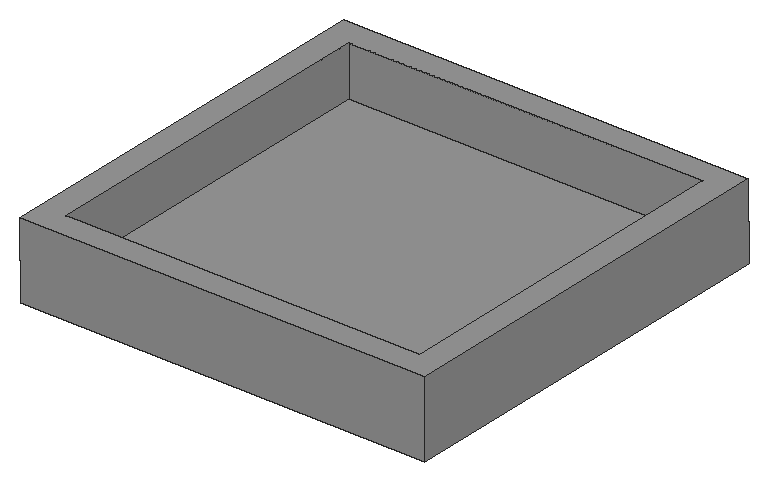
Revit family "Mop_Sink-Willoughby-CWMS-32326", category Plumbing Fixtures, Revit 2015
Parameters (values of type "32326")
  Width = 2' - 8"
  Waste DIA = 1 1/2"
  Waste Connection = yes
  Void Width/Depth = Width - 0' 4"  # 2' - 4"
  Void Height = Height - 0' 0 3/16"  # 0' - 5 13/16"
  Vent Connection = no
  URL = "https://www.willoughby-ind.com/wp-content/uploads/2018/01/CWMS.pdf"
  Revision = "A"
  Model = "CWMS-32326"
  Manufacturer = "Willoughby Industries"
  Height = 0' - 6"
  HW Connection = no
  Fixture Body = Stainless Steel AISI 304-Willoughby
  Drain Depth = Depth / 2  # 1' - 6.42557"
  Description = "Commercial Mop Sink, 32\" X 32\" X 6\""
  Depth = 3' - 0.85113"
  Default Elevation = 0' - 0"
  Contact = "800-428-4065"
  CW Connection = no
Reference planes (in)
  plane 1 "Center (Front/Back) Floor Level": y = 0
  plane 2: z = 0
  plane 3 "Center (Left/Right)": x = 0
  plane 4 "Left Side": x = -16
  plane 5 "Right Side": x = 16
  plane 6 "Front of sink": z = 24
  plane 7 "Drain": z = 12
Forms (in)
  Extrusion 1, solid, material "Stainless Steel AISI 304-Willoughby" <- "Fixture Body"
    sketch origin (0, 38.25, -14.25) x (0, -1, 0) y (1, 0, 0)
      loop
        line (0, 16) -> (0, -16) -> (32, -16) -> (32, 16) -> (0, 16)
    from -34 to -28
  Extrusion 2, void
    sketch origin (0, 38.25, 19.75) x (-1, 0, 0) y (0, -1, 0)
      loop
        line (-14, 2) -> (14, 2) -> (14, 30) -> (-14, 30) -> (-14, 2)
    from -62 to -66
  Revolve 3, solid, material "Stainless Steel AISI 304-Willoughby" <- "Fixture Body", detail levels fine
    sketch origin (0, 26.89322, -14.25) x (0, 0, 1) y (0, -1, 0)
      loop
        line (-34.22858, 6) -> (-34, 6) -> (-34, 9.31878) -> (-34.22858, 9.31878)
        arc (-34.22858, 9.31878) -> (-34.58213, 9.17234) -> (-34.72858, 8.81878) r 0.5
        line (-34.72858, 8.81878) -> (-34.72858, 7.06878) -> (-37.72858, 7.06878) -> (-37.72858, 6) -> (-34.22858, 6)
      axis (-34, 6) -> (-37.72858, 6)
    angle from 0 to 360
Cuts and joins
  Extrusion 2 cuts Extrusion 1
Lines and regions (in)
  symbolic lines
    curve 1: line (-16, 28, 0) -> (-16, 34, 0)
    curve 2: line (-16, 34, 24) -> (-16, 34, 0)
    curve 3: line (-16, 34, 0) -> (16, 34, 0)
    curve 4: line (16, 34, 0) -> (16, 34, 24)
    curve 5: line (16, 34, 24) -> (-16, 34, 24)
    curve 12: line (0, 34, 24) -> (0, 28, 24)
    curve 13: line (0, 28, 24) -> (0, 28, 0)
    curve 14: line (0, 28, 0) -> (0, 34, 0)
    curve 15: line (0, 34, 0) -> (0, 34, 24)
    curve 16: arc (0, 28, 15) -> (0, 27.65043, 14.8552) -> (0, 27.50563, 14.50563) r 0.49437
    curve 17: line (0, 27.50563, 14.50563) -> (0, 27.50563, 9.45539)
    curve 18: arc (0, 27.50563, 9.45539) -> (0, 27.66219, 9.1277) -> (0, 28, 8.99438) r 0.49627
    curve 19: line (0, 24.5, 11.25) -> (0, 27.50563, 11.25)
    curve 20: line (0, 24.5, 11.25) -> (0, 24.5, 12.75)
    curve 21: line (0, 24.5, 12.75) -> (0, 27.50563, 12.75)
    curve 22: line (16, 34, 0) -> (16, 28, 0)
  symbolic lines, detail levels medium+fine
    curve 6: line (-14, 34, 22) -> (-14, 34, 2)
    curve 7: line (-14, 34, 2) -> (14, 34, 2)
    curve 8: line (14, 34, 2) -> (14, 34, 22)
    curve 9: line (14, 34, 22) -> (-14, 34, 22)
  symbolic lines, detail levels fine
    curve 10: circle (0, 34, 12) r 0.75 normal (0, 1, 0)
    curve 11: circle (0, 34, 12) r 3 normal (0, 1, 0)
Dimensions and locks (in)
  equal spacing: plane 4 "Left Side", plane 3 "Center (Left/Right)", plane 5 "Right Side"
  "Width": plane 4 "Left Side" to plane 5 "Right Side"
  locked: cut or joined group of Extrusion 1, Extrusion 2 to cut or joined group of Extrusion 1, Extrusion 2 at 2  (x2)
  "Width": cut or joined group of Extrusion 1, Extrusion 2 to cut or joined group of Extrusion 1, Extrusion 2
  cut or joined group of Extrusion 1, Extrusion 2 to cut or joined group of Extrusion 1, Extrusion 2 = 0' - 2"  (x2)
  "Void Width/Depth": cut or joined group of Extrusion 1, Extrusion 2 to cut or joined group of Extrusion 1, Extrusion 2  (x2)
  cut or joined group of Extrusion 1, Extrusion 2 to Revolve 3 sketch curve = 1' - 5.35678"
  "Drain Depth": cut or joined group of Extrusion 1, Extrusion 2 to Revolve 3 sketch curve
  aligned and locked: Extrusion 1 to plane 4 "Left Side"
  aligned and locked: plane 5 "Right Side" to Extrusion 1
  aligned and locked: Revolve 3 sketch curve to Revolve 3 sketch curve  (x2)
  aligned and locked: Extrusion 1 to Extrusion 2
Automatic sketch dimensions
  curve 15 to level = 0' - 0"
  curve 13 to plane 6 "Front of sink" = 0' - 0"
  curve 19 to plane 7 "Drain" = 0' - 0 3/4"
  curve 19 to curve 19 = 0' - 3.00563"
  curve 17 to curve 19 = 0' - 1.79461"
  curve 18 to curve 18 = 0' - 0.03526"
  plane 7 "Drain" to curve 21 = 0' - 0 3/4"
  curve 21 to curve 16 = 0' - 1.75563"
  Extrusion 1 sketch curve to plane 5 "Right Side" = 0' - 0"
  Extrusion 1 sketch curve to plane 4 "Left Side" = 0' - 0"
  plane 5 "Right Side" to Extrusion 2 sketch curve = 0' - 2"
  Extrusion 2 sketch curve to plane 4 "Left Side" = 0' - 2"
  curve 10 to curve 11 = 0' - 0"  (x2)
  plane 5 "Right Side" to curve 4 = 0' - 0"
  curve 10 to plane 3 "Center (Left/Right)" = 0' - 0"
  curve 3 to level = 0' - 0"
  plane 4 "Left Side" to curve 3 = 0' - 0"
  curve 10 to plane 7 "Drain" = 0' - 0"
  curve 5 to plane 6 "Front of sink" = 0' - 0"
  plane 5 "Right Side" to curve 7 = 0' - 2"
  curve 9 to plane 4 "Left Side" = 0' - 2"
  level to curve 6 = 0' - 2"
  curve 9 to plane 6 "Front of sink" = 0' - 2"
  curve 12 to curve 12 = 0' - 6"
  curve 17 to curve 18 = 0' - 0.49501"
  Extrusion 1 sketch curve to plane 1 "Center (Front/Back) Floor Level" = 0' - 6 1/4"
  curve 1 to plane 4 "Left Side" = 0' - 0"
  curve 22 to plane 5 "Right Side" = 0' - 0"
  curve 1 to curve 1 = 0' - 6"
  curve 21 to plane 1 "Center (Front/Back) Floor Level" = 2' - 0 1/2"
  curve 16 to curve 16 = 0' - 0.49437"
  Extrusion 1 sketch curve to Extrusion 1 sketch curve = 2' - 8"
  Extrusion 2 sketch curve to plane 1 "Center (Front/Back) Floor Level" = 3' - 0 1/4"
  Extrusion 2 sketch curve to Extrusion 2 sketch curve = 2' - 4"
  curve 22 to plane 1 "Center (Front/Back) Floor Level" = 2' - 10"
  curve 1 to curve 22 = 0' - 0"
  curve 22 to curve 22 = 0' - 6"
  Revolve 3 sketch curve to level = 4' - 3.97858"
  Revolve 3 sketch curve to Revolve 3 sketch curve = 0' - 3"
  Revolve 3 sketch curve to Revolve 3 sketch curve = 0' - 0 1/2"  (x2)
  Revolve 3 sketch curve to Revolve 3 sketch curve = 0' - 0.22858"
  Revolve 3 sketch curve to Revolve 3 sketch curve = 0' - 1 3/4"
  Revolve 3 sketch curve to Revolve 3 sketch curve = 0' - 0.02142"
  radius of curve 10 = 0' - 0 3/4"
  radius of curve 11 = 0' - 3"
Connectors (in)
  piping at (0, 20.89322, -51.97858), diameter 1.5, driven by "Waste DIA", driven by "Waste Connection"
    settings: on Revolve 3, index 1, connector inside diameter 24", connector length 0' - 0", flow factor 0, pipe flow 0 GPM, pressure drop 0.00 psi, fitting loss kfactor 0, connector angle 0.00°, fixture units 0, engagement length 0' - 0", angle of deflection 0.00°, flow configuration 0, flow direction 2, fitting loss method 0, system type 16, joint type 0, gender type 0, connector reference index -1, connector utility 1, adjustable connector no, is connector primary yes, connector description "Sink Waste"
